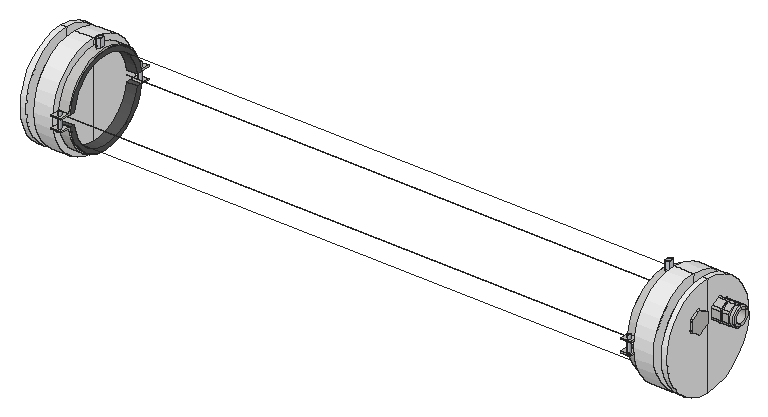
Revit family "FT Pyros LED_2020", category Lighting Fixtures, Revit 2020
Family settings
  Round Connector Dimension = Use Diameter
  Part Type = Normal
  OmniClass Number = 23.80.70.00
  OmniClass Title = Lighting
  Work Plane-Based = No
  Always vertical = Yes
  Cut with Voids When Loaded = No
  Light Source = Yes
  Shared = No
  Room Calculation Point = No
Parameters (values of type "PY323")
  Watts = 70 W
  Wattage = 72.3028 W
  built-in parameter 1150110 = 1 (stored number, unit not read)
  Useful life = "L70B50>50000"
  Unify glade rating = "UGR<19"
  URL = "https://www.airfal.com/prod/atex-atmosfera-explosiva/luminaria-pyros-led/"
  built-in parameter 1114217 = 1 (stored number, unit not read)
  Tilt Angle = 90.00°
  built-in parameter 1150109 = 1 (stored number, unit not read)
  built-in parameter 1150134 = 12
  built-in parameter 1150113 = 1 (stored number, unit not read)
  Size = 1500.00 mm
  Photometric Web File = "PY323 PYROS LED  1500mm 10740lm 70W.IES"
  Photobiological risk group = "RG1"
  MacAdam Ellipse = "3/4"
  built-in parameter 1150105 = 854.66 (stored number, unit not read)
  Lumens = 10740 lm
  built-in parameter 1150115 = 1 (stored number, unit not read)
  built-in parameter 1150137 = (empty or 0)
  built-in parameter 1150139 = (empty or 0)
  Led Module = yes
  built-in parameter 1150112 = 1 (stored number, unit not read)
  built-in parameter 1150114 = 1 (stored number, unit not read)
  L = 1659.00 mm
  built-in parameter 1150132 = 2
  built-in parameter 1150102 = (empty or 0)
  built-in parameter 1150107 = 4000 (stored number, unit not read)
  built-in parameter 1150138 = (empty or 0)
  built-in parameter 1150106 = 8.5466 (stored number, unit not read)
  IP = "IP66"
  IK = "IK10"
  Glow wire test = ""
  Emit from Line Length = 609.60 mm
  Emergency system = yes
  built-in parameter 1150104 = 13.8 (stored number, unit not read)
  EX Area = "II2GD Ex db op is IIB+H2 T6 Gb Ex op is tb IIIC T85 ºC Dc"
  Dimming Lamp Color Temperature Shift = <None>
  Description = "https://www.airfal.com/fichas/new/FT-Pyros-LED.pdf"
  Default Elevation = 0.00 mm
  Color Filter = 16777215
  Chromatic Index = ""
  built-in parameter 1114218 = 1 (stored number, unit not read)
  built-in parameter 1150133 = 10 (stored number, unit not read)
Types (6, lengths in mm): name | Watts | Wattage | Size | Photometric Web File | built-in parameter 1150105 | Lumens | L | built-in parameter 1150106
  PY113 | 14 W | 14.474 W | 600.00 | "PY113 PYROS LED  600mm 2150lm 14W.IES" | 171.09 (stored number, unit not read) | 2150 lm | 748.00 | 1.7109 (stored number, unit not read)
  PY123 | 28 W | 28.948 W | 600.00 | "PY123 PYROS LED 600mm 4300lm 28W.IES" | 342.18 (stored number, unit not read) | 4300 lm | 748.00 | 3.4218 (stored number, unit not read)
  PY213 | 28 W | 28.948 W | 1200.00 | "PY213 PYROS LED  1200mm 4300lm 28W.IES" | 342.18 (stored number, unit not read) | 4300 lm | 1357.00 | 3.4218 (stored number, unit not read)
  PY223 | 55 W | 57.8961 W | 1200.00 | "PY223 PYROS LED 1200mm 8600lm 55W.IES" | 684.37 (stored number, unit not read) | 8600 lm | 1357.00 | 6.8437 (stored number, unit not read)
  PY313 | 35 W | 36.1514 W | 1500.00 | "PY313 PYROS LED  1500mm 5370lm 35W.IES" | 427.33 (stored number, unit not read) | 5370 lm | 1659.00 | 4.2733 (stored number, unit not read)
  PY323 | 70 W | 72.3028 W | 1500.00 | "PY323 PYROS LED  1500mm 10740lm 70W.IES" | 854.66 (stored number, unit not read) | 10740 lm | 1659.00 | 8.5466 (stored number, unit not read)
Reference planes
  plane 1 "Light Source Axis (F/B)": y = -218.644
  plane 2: z = 0
  plane 3 "Light Source Axis (L/R)": x = 0
  plane 4 "Light Source Elevation": z = 1371.6
  plane 5: z = 0
  plane 6: x = -829.5
  plane 7: x = 829.5
  plane 8: z = 1472.6
  plane 9: z = 1296.6
  plane 10: z = 1406.6
  plane 11: y = -193.644
  plane 12: y = -243.644
Forms (mm)
  Extrusion 1, solid, material "Polycarbonate"
    sketch origin (0, 0, 0) x (0, 1, 0) y (0, 0, 1)
      loop
        circle (-218.644, 1371.6) r 75
    from -768.5 to 313
  Revolve 2, solid, material "Aluminium"
    sketch origin (-36, -218.644, 0) x (1, 0, 0) y (0, 0, 1)
      loop
        line (-732.5, 1371.6) -> (-732.5, 1466.6) -> (-768.5, 1466.6) -> (-768.5, 1446.6) -> (-783.5, 1446.6) -> (-783.5, 1466.6) -> (-793.5, 1466.6) -> (-793.5, 1371.6) -> (-732.5, 1371.6)
      loop
        line (349, 1371.6) -> (410, 1371.6) -> (410, 1466.6) -> (400, 1466.6) -> (400, 1446.6) -> (385, 1446.6) -> (385, 1466.6) -> (349, 1466.6) -> (349, 1371.6)
      axis (-793.5, 1371.6) -> (410, 1371.6)
    angle from 0 to 360
Dimensions and locks
  equal spacing: plane 6, plane 3 "Light Source Axis (L/R)", plane 7
  "L": plane 6 to plane 7
  locked: plane 8 to plane 4 "Light Source Elevation" at 101
  locked: plane 4 "Light Source Elevation" to plane 9 at 75
  locked: plane 4 "Light Source Elevation" to plane 10 at 35
  plane 12 to imposter light to plane 11 = 25.00 mm, 25.00 mm
  plane 4 "Light Source Elevation" to plane 10 = 35.00 mm
  Revolve 2 sketch curve to Revolve 2 sketch curve to Revolve 2 sketch curve to Revolve 2 sketch curve = 10.00 mm locked, 15.00 mm locked, 36.00 mm locked  (x2)
  Revolve 2 sketch curve to Revolve 2 sketch curve to Revolve 2 sketch curve = 20.00 mm locked, 75.00 mm locked
  Revolve 2 sketch curve to Revolve 2 sketch curve to plane 4 "Light Source Elevation" = 20.00 mm locked, 75.00 mm locked
  aligned and locked: level to plane 5
  aligned and locked: nested 2 to plane 1 "Light Source Axis (F/B)"
  aligned and locked: plane 8 to nested 2
  aligned and locked: plane 8 to nested 1
  aligned and locked: plane 9 to imposter light
  aligned and locked: plane 10 to nested 3
  aligned and locked: nested 3 to plane 11
  aligned and locked: plane 12 to nested 4
  aligned and locked: Revolve 2 sketch curve to plane 6
  aligned and locked: Revolve 2 to Extrusion 1
  aligned and locked: Extrusion 1 to Revolve 2
  aligned and locked: nested 1 to Revolve 2
  aligned and locked: nested 2 to Revolve 2
  aligned and locked: nested 4 to Revolve 2
  aligned and locked: nested 3 to Revolve 2
Automatic sketch dimensions
  Extrusion 1 sketch curve to plane 1 "Light Source Axis (F/B)" = 0.00 mm
  plane 4 "Light Source Elevation" to Extrusion 1 sketch curve = 0.00 mm
  Revolve 2 sketch curve to plane 4 "Light Source Elevation" = 0.00 mm  (x3)
  plane 7 to Revolve 2 sketch curve = 455.50 mm
  Revolve 2 sketch curve to plane 8 = 6.00 mm  (x2)
  Revolve 2 sketch curve to plane 6 = 106.00 mm
  Revolve 2 sketch curve to Revolve 2 sketch curve = 3.00 mm
  radius of Extrusion 1 sketch curve = 75.00 mm
Nested families
  nested 1: "FT ABRAP-es" at (-757.5, -218.644, 1371.6) x (0, 1, 0) z (0, 0, 1), type "ABRI150"
  nested 2: "FT ABRAP-es" at (302, -218.644, 1371.6) x (0, 1, 0) z (0, 0, 1), type "ABRI150"
  nested 3: "Armed cablegland EEX" at (359, -193.644, 1406.6), type "Armed cablegland EEX"
  nested 4: "Plug EEx db" at (359, -243.644, 1406.6), type "Plug EEx db"
Definition of nested family "FT ABRAP-es"
  Parameters (values of type "ABRI150")
    s = 2.00 mm
    r1 = 75.00 mm
    h = 101.00 mm
    e = 20.00 mm
    b2 = 22.00 mm
    b = 18.50 mm
    H = 186.00 mm
    R2 = 85.00 mm
    R1 = 83.00 mm
    Default Elevation = 0.00 mm
    D = 150.00 mm
    B = 203.00 mm
  Reference planes
    plane 1 "Center (Front/Back)": y = 0
    plane 2: z = 0
    plane 3 "Center (Left/Right)": x = 0
    plane 4: z = 101
    plane 5: z = -85
    plane 6: x = -101.5
    plane 7: x = 101.5
    plane 8: y = 9.25
    plane 9: y = -9.25
    plane 10: z = -75
    plane 11: z = 75
    plane 12: z = 85
    plane 13: z = -10
    plane 14: z = 10
    plane 15: z = -12
    plane 16: z = 12
    plane 17: z = 10
    plane 18: z = -10
    plane 19: z = 12
    plane 20: z = -12
    plane 21: y = 11
    plane 22: y = -11
    plane 23: x = -93.5
    plane 24: x = 93.5
  Forms (mm)
    Extrusion 1, solid
      sketch origin (34.5, 0, 46.201) x (1, 0, 0) y (0, 0, 1)
        loop
          line (-116.895, -56.201) -> (-136, -56.201) -> (-136, -58.201) -> (-118.649, -58.201)
          arc (-118.649, -58.201) -> (-34.5, -131.201) -> (49.649, -58.201) r 85
          line (49.649, -58.201) -> (67, -58.201) -> (67, -56.201) -> (47.895, -56.201)
          arc (47.895, -56.201) -> (-34.5, -129.201) -> (-116.895, -56.201) r 83
        loop
          arc (-116.895, -36.201) -> (-34.5, 36.799) -> (47.895, -36.201) r 83
          line (47.895, -36.201) -> (67, -36.201) -> (67, -34.201) -> (49.649, -34.201)
          arc (49.649, -34.201) -> (-34.5, 38.799) -> (-118.649, -34.201) r 85
          line (-118.649, -34.201) -> (-136, -34.201) -> (-136, -36.201) -> (-116.895, -36.201)
      from -9.25 to 9.25
    Extrusion 2, solid
      sketch origin (0, 0, 0) x (1, 0, 0) y (0, 1, 0)
        loop
          circle (0, 0) r 4
        loop
          line (-8, 0) -> (-4, -4.678) -> (4, -4.678) -> (8, 0) -> (4, 4.678) -> (-4, 4.678) -> (-8, 0)
      from 85 to 101
    Extrusion 3, solid
      sketch origin (0, 0, 0) x (1, 0, 0) y (0, 0, 1)
        loop
          line (-74.33, -10) -> (-82.395, -10)
          arc (-82.395, -10) -> (0, -83) -> (82.395, -10) r 83
          line (82.395, -10) -> (74.33, -10)
          arc (74.33, -10) -> (0, -75) -> (-74.33, -10) r 75
        loop
          line (-82.395, 10) -> (-74.33, 10)
          arc (-74.33, 10) -> (0, 75) -> (74.33, 10) r 75
          line (74.33, 10) -> (82.395, 10)
          arc (82.395, 10) -> (0, 83) -> (-82.395, 10) r 83
      from -11 to 11
    Revolve 4, solid
      sketch origin (0, 0, 0) x (1, 0, 0) y (0, 0, 1)
        loop
          line (-98.5, -12) -> (-98.5, -14.5)
          arc (-98.5, -14.5) -> (-96.083, -15.47) -> (-93.5, -15.8) r 10.265
          line (-93.5, -15.8) -> (-93.5, 18) -> (-95.375, 18) -> (-96, 17.375) -> (-96, -12) -> (-98.5, -12)
        axis (-93.5, -15.8) -> (-93.5, 18)
      angle from 0 to 360
    Revolve 5, solid
      sketch origin (135.743, 0, 0) x (1, 0, 0) y (0, 0, 1)
        loop
          line (-47.243, -12) -> (-47.243, -14.5)
          arc (-47.243, -14.5) -> (-44.826, -15.47) -> (-42.243, -15.8) r 10.265
          line (-42.243, -15.8) -> (-42.243, 18) -> (-44.118, 18) -> (-44.743, 17.375) -> (-44.743, -12) -> (-47.243, -12)
        axis (-42.243, -15.8) -> (-42.243, 18)
      angle from 0 to 360
  Lines and regions (mm)
    model lines
      curve 1: line (-93.5, 0, 0) -> (-91.5, 0, 0)
      curve 2: line (0, 0, 0) -> (0, -2, 0)
  Dimensions and locks
    "h": plane 4 to level
    "H": plane 4 to plane 5
    "B": plane 6 to plane 7
    equal spacing: plane 6, plane 3 "Center (Left/Right)", plane 7
    "b": plane 8 to plane 9
    equal spacing: plane 8, plane 1 "Center (Front/Back)", plane 9
    equal spacing: plane 11, level, plane 10
    "D": plane 11 to plane 10
    locked: plane 4 to plane 12 at 16
    equal spacing: plane 14, level, plane 13
    "s": plane 13 to plane 15
    "s": plane 16 to plane 14
    "e": plane 14 to plane 13
    equal spacing: plane 17, level, plane 18
    "e": plane 17 to plane 18
    "s": plane 19 to plane 17
    "s": plane 18 to plane 20
    equal spacing: plane 21, plane 1 "Center (Front/Back)", plane 22
    "b2": plane 21 to plane 22
    locked: plane 6 to plane 23 at 8
    locked: plane 7 to plane 24 at 8
    plane 8 to plane 9 = 18.50 mm
    "R1": radius of Extrusion 1 sketch curve  (x2)
    "R2": radius of Extrusion 1 sketch curve  (x2)
    "r1": radius of Extrusion 3 sketch curve  (x2)
    "R1": radius of Extrusion 3 sketch curve  (x2)
    aligned and locked: plane 2 to level
    aligned and locked: plane 4 to Extrusion 2
    aligned and locked: Extrusion 2 to plane 12
    aligned and locked: plane 6 to Extrusion 1 sketch curve
    aligned and locked: Extrusion 1 sketch curve to plane 6
    aligned and locked: Extrusion 1 sketch curve to plane 7
    aligned and locked: plane 7 to Extrusion 1 sketch curve
    aligned and locked: Extrusion 1 sketch curve to plane 20
    aligned and locked: plane 18 to Extrusion 1 sketch curve
    aligned and locked: Extrusion 1 sketch curve to plane 17
    aligned and locked: plane 19 to Extrusion 1 sketch curve
    aligned and locked: plane 20 to Extrusion 1 sketch curve
    aligned and locked: Extrusion 1 sketch curve to plane 18
    aligned and locked: plane 17 to Extrusion 1 sketch curve
    aligned and locked: Extrusion 1 sketch curve to plane 19
    aligned and locked: Extrusion 1 to plane 8
    aligned and locked: Extrusion 1 to plane 9
    aligned and locked: Extrusion 1 to Extrusion 3 sketch curve
    aligned and locked: plane 18 to Extrusion 3 sketch curve  (x2)
    aligned and locked: Extrusion 3 sketch curve to plane 17
    aligned and locked: Extrusion 3 to plane 21
    aligned and locked: Extrusion 3 to plane 22
  Automatic sketch dimensions
    plane 1 "Center (Front/Back)" to Extrusion 2 sketch curve = 0.00 mm  (x3)
    Extrusion 2 sketch curve to plane 3 "Center (Left/Right)" = 0.00 mm
    Extrusion 2 sketch curve to plane 3 "Center (Left/Right)" = 4.00 mm  (x2)
    Extrusion 2 sketch curve to Extrusion 2 sketch curve = 4.00 mm  (x2)
    plane 3 "Center (Left/Right)" to Extrusion 2 sketch curve = 4.00 mm  (x2)
    plane 9 to Extrusion 2 sketch curve = 4.572 mm
    plane 8 to Extrusion 2 sketch curve = 4.572 mm
    Revolve 4 sketch curve to plane 20 = 0.00 mm
    Revolve 4 sketch curve to plane 23 = 0.00 mm  (x2)
    plane 23 to Revolve 4 sketch curve = 1.875 mm
    plane 23 to Revolve 4 sketch curve = 2.50 mm
    Revolve 4 sketch curve to Revolve 4 sketch curve = 2.50 mm
    plane 20 to Revolve 4 sketch curve = 2.50 mm
    Revolve 4 sketch curve to Revolve 4 sketch curve = 3.80 mm
    plane 19 to Revolve 4 sketch curve = 5.375 mm
    Revolve 4 sketch curve to Revolve 4 sketch curve = 0.625 mm
    Revolve 4 sketch curve to Revolve 4 sketch curve = 3.403 mm
    Revolve 4 sketch curve to Revolve 4 sketch curve = 4.181 mm
    Revolve 5 sketch curve to plane 20 = 0.00 mm
    Revolve 5 sketch curve to plane 24 = 0.00 mm  (x2)
    Revolve 5 sketch curve to Revolve 5 sketch curve = 1.875 mm
    Revolve 5 sketch curve to plane 24 = 2.50 mm
    Revolve 5 sketch curve to Revolve 5 sketch curve = 2.50 mm
    plane 20 to Revolve 5 sketch curve = 2.50 mm
    Revolve 5 sketch curve to Revolve 5 sketch curve = 3.80 mm
    plane 19 to Revolve 5 sketch curve = 5.375 mm
    Revolve 5 sketch curve to Revolve 5 sketch curve = 0.625 mm
    Revolve 5 sketch curve to Revolve 5 sketch curve = 3.403 mm
    Revolve 5 sketch curve to Revolve 5 sketch curve = 4.181 mm
    curve 1 to level = 0.00 mm
    plane 23 to curve 1 = 0.00 mm
    curve 1 to curve 1 = 2.00 mm
    curve 2 to level = 0.00 mm
    curve 2 to plane 1 "Center (Front/Back)" = 0.00 mm
    plane 1 "Center (Front/Back)" to curve 2 = 2.00 mm
    Extrusion 1 sketch curve to Extrusion 1 sketch curve = 0.00 mm  (x12)
    Extrusion 1 sketch curve to level = 0.00 mm
    Extrusion 1 sketch curve to plane 3 "Center (Left/Right)" = 0.00 mm
    Extrusion 3 sketch curve to Extrusion 3 sketch curve = 0.00 mm  (x12)
    Extrusion 3 sketch curve to level = 0.00 mm
    Extrusion 3 sketch curve to plane 3 "Center (Left/Right)" = 0.00 mm
    radius of Extrusion 2 sketch curve = 4.00 mm
Definition of nested family "Armed cablegland EEX"
  Parameters (values of type "Armed cablegland EEX")
    PG = "1621"
    NPT = "3/4\"1\""
    Metrics = "M25x1.5"
    Gas conic = "3/4\"1\""
    Emergency system = "EMERGENCY 1h / 3h"
    EX Area = "II 2 GD EEx db IIC T6"
    Dimmable equipment = "1-10 DALI"
    Default Elevation = 0.00 mm
    D = 15.00 mm
    C = 42.00 mm
    B = 39.00 mm
    A = 35.00 mm
  Reference planes
    plane 1 "Center (Front/Back)": y = 0
    plane 2: z = 0
    plane 3 "Center (Left/Right)": x = 0
    plane 4: x = 15
    plane 5: x = 57
    plane 6: z = 17.5
    plane 7: z = -17.5
    plane 8: z = 19.5
    plane 9: z = -19.5
    plane 10: y = -17.5
    plane 11: y = 17.5
  Forms (mm)
    Revolve 1, solid
      sketch origin (0, 0, 0) x (1, 0, 0) y (0, 0, 1)
        loop
          line (0, 11.956) -> (33, 11.956) -> (33, 14.005) -> (15.025, 14.005)
          arc (15.025, 14.005) -> (14.525, 13.505) -> (14.025, 14.005) r 0.5
          arc (14.025, 14.005) -> (13.525, 13.505) -> (13.025, 14.005) r 0.5
          arc (13.025, 14.005) -> (12.525, 13.505) -> (12.025, 14.005) r 0.5
          arc (12.025, 14.005) -> (11.525, 13.505) -> (11.025, 14.005) r 0.5
          arc (11.025, 14.005) -> (10.525, 13.505) -> (10.025, 14.005) r 0.5
          arc (10.025, 14.005) -> (9.525, 13.505) -> (9.025, 14.005) r 0.5
          arc (9.025, 14.005) -> (8.525, 13.505) -> (8.025, 14.005) r 0.5
          arc (8.025, 14.005) -> (7.525, 13.505) -> (7.025, 14.005) r 0.5
          arc (7.025, 14.005) -> (6.525, 13.505) -> (6.025, 14.005) r 0.5
          arc (6.025, 14.005) -> (5.525, 13.505) -> (5.025, 14.005) r 0.5
          arc (5.025, 14.005) -> (4.525, 13.505) -> (4.025, 14.005) r 0.5
          arc (4.025, 14.005) -> (3.525, 13.505) -> (3.025, 14.005) r 0.5
          arc (3.025, 14.005) -> (2.525, 13.505) -> (2.025, 14.005) r 0.5
          arc (2.025, 14.005) -> (1.525, 13.505) -> (1.025, 14.005) r 0.5
          line (1.025, 14.005) -> (0, 12.98) -> (0, 11.956)
        axis (0, 0) -> (33, 0)
      angle from 0 to 360
    Extrusion 2, solid
      sketch origin (15, -4572, 334.988) x (0, 0, 1) y (0, -1, 0)
        loop
          line (-316.08, -4569.75) -> (-323.586, -4556.75)
          arc (-323.586, -4556.75) -> (-325.233, -4555.103) -> (-327.483, -4554.5) r 4.5
          line (-327.483, -4554.5) -> (-342.494, -4554.5)
          arc (-342.494, -4554.5) -> (-344.744, -4555.103) -> (-346.391, -4556.75) r 4.5
          line (-346.391, -4556.75) -> (-353.896, -4569.75)
          arc (-353.896, -4569.75) -> (-354.499, -4572) -> (-353.896, -4574.25) r 4.5
          line (-353.896, -4574.25) -> (-346.391, -4587.25)
          arc (-346.391, -4587.25) -> (-344.744, -4588.897) -> (-342.494, -4589.5) r 4.5
          line (-342.494, -4589.5) -> (-327.483, -4589.5)
          arc (-327.483, -4589.5) -> (-325.233, -4588.897) -> (-323.586, -4587.25) r 4.5
          line (-323.586, -4587.25) -> (-316.08, -4574.25)
          arc (-316.08, -4574.25) -> (-315.477, -4572) -> (-316.08, -4569.75) r 4.5
        loop
          circle (-334.988, -4572) r 12
      from 0 to 18
    Extrusion 3, solid
      sketch origin (36.589, -4572, 334.988) x (0, 0, 1) y (0, -1, 0)
        loop
          line (-316.08, -4569.75) -> (-323.586, -4556.75)
          arc (-323.586, -4556.75) -> (-325.233, -4555.103) -> (-327.483, -4554.5) r 4.5
          line (-327.483, -4554.5) -> (-342.494, -4554.5)
          arc (-342.494, -4554.5) -> (-344.744, -4555.103) -> (-346.391, -4556.75) r 4.5
          line (-346.391, -4556.75) -> (-353.896, -4569.75)
          arc (-353.896, -4569.75) -> (-354.499, -4572) -> (-353.896, -4574.25) r 4.5
          line (-353.896, -4574.25) -> (-346.391, -4587.25)
          arc (-346.391, -4587.25) -> (-344.744, -4588.897) -> (-342.494, -4589.5) r 4.5
          line (-342.494, -4589.5) -> (-327.483, -4589.5)
          arc (-327.483, -4589.5) -> (-325.233, -4588.897) -> (-323.586, -4587.25) r 4.5
          line (-323.586, -4587.25) -> (-316.08, -4574.25)
          arc (-316.08, -4574.25) -> (-315.477, -4572) -> (-316.08, -4569.75) r 4.5
        loop
          circle (-334.988, -4572) r 12
      from 0 to 12
    Revolve 4, solid
      sketch origin (0, 0, 0) x (1, 0, 0) y (0, 0, 1)
        loop
          line (33, 12) -> (57, 12) -> (57, 15.488) -> (54.988, 17.5) -> (33, 17.5) -> (33, 12)
        axis (33, 0) -> (57, 0)
      angle from 0 to 360
  Cuts and joins
    joined: Extrusion 2, Extrusion 3, Revolve 4
  Dimensions and locks
    "D": plane 4 to plane 3 "Center (Left/Right)"
    "C": plane 5 to plane 4
    equal spacing: plane 6, level, plane 7
    "B": plane 9 to plane 8
    equal spacing: plane 9, level, plane 8
    equal spacing: plane 11, plane 1 "Center (Front/Back)", plane 10
    "A": plane 11 to plane 10
    aligned and locked: plane 2 to level
  Automatic sketch dimensions
    Extrusion 2 sketch curve to plane 1 "Center (Front/Back)" = 0.00 mm  (x3)
    Extrusion 2 sketch curve to plane 11 = 0.00 mm
    Extrusion 2 sketch curve to plane 10 = 0.00 mm
    Extrusion 2 sketch curve to level = 0.00 mm
    Extrusion 2 sketch curve to level = 7.506 mm  (x2)
    Extrusion 2 sketch curve to plane 11 = 2.25 mm  (x2)
    Extrusion 2 sketch curve to Extrusion 2 sketch curve = 3.897 mm  (x4)
    Extrusion 2 sketch curve to plane 10 = 2.25 mm  (x2)
    plane 7 to Extrusion 2 sketch curve = 2.489 mm
    Extrusion 2 sketch curve to plane 9 = 0.592 mm  (x2)
    level to Extrusion 2 sketch curve = 7.506 mm  (x2)
    Extrusion 2 sketch curve to plane 6 = 2.489 mm
    Extrusion 2 sketch curve to plane 8 = 0.592 mm  (x2)
    Extrusion 2 sketch curve to plane 1 "Center (Front/Back)" = 2.25 mm  (x2)
    Extrusion 3 sketch curve to plane 1 "Center (Front/Back)" = 0.00 mm  (x3)
    Extrusion 3 sketch curve to plane 11 = 0.00 mm
    Extrusion 3 sketch curve to plane 10 = 0.00 mm
    Extrusion 3 sketch curve to level = 0.00 mm
    Extrusion 3 sketch curve to level = 7.506 mm  (x2)
    Extrusion 3 sketch curve to plane 11 = 2.25 mm  (x2)
    Extrusion 3 sketch curve to Extrusion 3 sketch curve = 3.897 mm  (x4)
    Extrusion 3 sketch curve to plane 10 = 2.25 mm  (x2)
    plane 7 to Extrusion 3 sketch curve = 2.489 mm
    Extrusion 3 sketch curve to plane 9 = 0.592 mm  (x2)
    level to Extrusion 3 sketch curve = 7.506 mm  (x2)
    Extrusion 3 sketch curve to plane 6 = 2.489 mm
    Extrusion 3 sketch curve to plane 8 = 0.592 mm  (x2)
    Extrusion 3 sketch curve to plane 1 "Center (Front/Back)" = 2.25 mm  (x2)
    Revolve 4 sketch curve to level = 0.00 mm
    Revolve 4 sketch curve to plane 6 = 0.00 mm
    plane 5 to Revolve 4 sketch curve = 0.00 mm
    plane 5 to Revolve 4 sketch curve = 2.012 mm
    Revolve 4 sketch curve to plane 6 = 5.50 mm
    plane 4 to Revolve 4 sketch curve = 18.00 mm
    Revolve 4 sketch curve to plane 6 = 2.012 mm
    Revolve 4 sketch curve to plane 3 "Center (Left/Right)" = 6.257 mm
    Revolve 4 sketch curve to plane 5 = 9.07 mm
    Revolve 1 sketch curve to plane 3 "Center (Left/Right)" = 0.00 mm  (x2)
    Revolve 1 sketch curve to level = 0.00 mm
    plane 5 to Revolve 1 sketch curve = 0.00 mm
    plane 3 "Center (Left/Right)" to Revolve 1 sketch curve = 1.025 mm
    Revolve 1 sketch curve to Revolve 1 sketch curve = 0.50 mm  (x2)
    Revolve 1 sketch curve to Revolve 1 sketch curve = 1.00 mm  (x11)
    Revolve 1 sketch curve to plane 4 = 0.475 mm
    plane 4 to Revolve 1 sketch curve = 0.025 mm
    Revolve 1 sketch curve to plane 6 = 5.544 mm
    plane 4 to Revolve 1 sketch curve = 18.00 mm
    Revolve 1 sketch curve to Revolve 1 sketch curve = 1.025 mm  (x2)
    Revolve 1 sketch curve to Revolve 1 sketch curve = 2.049 mm
    Revolve 1 sketch curve to Revolve 1 sketch curve = 0.00 mm  (x22)
    radius of Extrusion 2 sketch curve = 12.00 mm
    radius of Extrusion 3 sketch curve = 12.00 mm
Definition of nested family "Plug EEx db"
  Parameters (values of type "Plug EEx db")
    PG = "1621"
    NPT = "3/4\"1\""
    Metrics = "M25x1.5"
    Gas conic = "3/4\"1\""
    Emergency system = "EMERGENCY 1h / 3h"
    EX Area = "II 2 GD EEx db IIC T6"
    Dimmable equipment = "1-10 DALI"
    Default Elevation = 0.00 mm
    D = 15.00 mm
    C = 42.00 mm
    B = 39.00 mm
    A = 35.00 mm
  Reference planes
    plane 1 "Center (Front/Back)": y = 0
    plane 2: z = 0
    plane 3 "Center (Left/Right)": x = 0
    plane 4: x = 15
    plane 5: z = 17.5
    plane 6: z = -17.5
    plane 7: z = 19.5
    plane 8: z = -19.5
    plane 9: y = -17.5
    plane 10: y = 17.5
  Forms (mm)
    Revolve 1, solid
      sketch origin (0, 0, 0) x (1, 0, 0) y (0, 0, 1)
        loop
          line (0, 0) -> (15, 0) -> (15, 13.85)
          arc (15, 13.85) -> (14.446, 13.511) -> (14.025, 14.005) r 0.5
          arc (14.025, 14.005) -> (13.525, 13.505) -> (13.025, 14.005) r 0.5
          arc (13.025, 14.005) -> (12.525, 13.505) -> (12.025, 14.005) r 0.5
          arc (12.025, 14.005) -> (11.525, 13.505) -> (11.025, 14.005) r 0.5
          arc (11.025, 14.005) -> (10.525, 13.505) -> (10.025, 14.005) r 0.5
          arc (10.025, 14.005) -> (9.525, 13.505) -> (9.025, 14.005) r 0.5
          arc (9.025, 14.005) -> (8.525, 13.505) -> (8.025, 14.005) r 0.5
          arc (8.025, 14.005) -> (7.525, 13.505) -> (7.025, 14.005) r 0.5
          arc (7.025, 14.005) -> (6.525, 13.505) -> (6.025, 14.005) r 0.5
          arc (6.025, 14.005) -> (5.525, 13.505) -> (5.025, 14.005) r 0.5
          arc (5.025, 14.005) -> (4.525, 13.505) -> (4.025, 14.005) r 0.5
          arc (4.025, 14.005) -> (3.525, 13.505) -> (3.025, 14.005) r 0.5
          arc (3.025, 14.005) -> (2.525, 13.505) -> (2.025, 14.005) r 0.5
          arc (2.025, 14.005) -> (1.525, 13.505) -> (1.025, 14.005) r 0.5
          line (1.025, 14.005) -> (0, 12.98) -> (0, 0)
        axis (0, 0) -> (15, 0)
      angle from 0 to 360
    Extrusion 2, solid
      sketch origin (15, -4572, 334.988) x (0, 0, 1) y (0, -1, 0)
        loop
          line (-316.08, -4569.75) -> (-323.586, -4556.75)
          arc (-323.586, -4556.75) -> (-325.233, -4555.103) -> (-327.483, -4554.5) r 4.5
          line (-327.483, -4554.5) -> (-342.494, -4554.5)
          arc (-342.494, -4554.5) -> (-344.744, -4555.103) -> (-346.391, -4556.75) r 4.5
          line (-346.391, -4556.75) -> (-353.896, -4569.75)
          arc (-353.896, -4569.75) -> (-354.499, -4572) -> (-353.896, -4574.25) r 4.5
          line (-353.896, -4574.25) -> (-346.391, -4587.25)
          arc (-346.391, -4587.25) -> (-344.744, -4588.897) -> (-342.494, -4589.5) r 4.5
          line (-342.494, -4589.5) -> (-327.483, -4589.5)
          arc (-327.483, -4589.5) -> (-325.233, -4588.897) -> (-323.586, -4587.25) r 4.5
          line (-323.586, -4587.25) -> (-316.08, -4574.25)
          arc (-316.08, -4574.25) -> (-315.477, -4572) -> (-316.08, -4569.75) r 4.5
      from 0 to 6
  Dimensions and locks
    "D": plane 4 to plane 3 "Center (Left/Right)"
    equal spacing: plane 5, level, plane 6
    "B": plane 8 to plane 7
    equal spacing: plane 8, level, plane 7
    equal spacing: plane 10, plane 1 "Center (Front/Back)", plane 9
    "A": plane 10 to plane 9
    aligned and locked: plane 2 to level
  Automatic sketch dimensions
    Extrusion 2 sketch curve to plane 1 "Center (Front/Back)" = 0.00 mm  (x2)
    Extrusion 2 sketch curve to plane 10 = 0.00 mm
    Extrusion 2 sketch curve to plane 9 = 0.00 mm
    Extrusion 2 sketch curve to level = 7.506 mm  (x2)
    Extrusion 2 sketch curve to plane 10 = 2.25 mm  (x2)
    Extrusion 2 sketch curve to Extrusion 2 sketch curve = 3.897 mm  (x4)
    Extrusion 2 sketch curve to plane 9 = 2.25 mm  (x2)
    plane 6 to Extrusion 2 sketch curve = 2.489 mm
    Extrusion 2 sketch curve to plane 8 = 0.592 mm  (x2)
    level to Extrusion 2 sketch curve = 7.506 mm  (x2)
    Extrusion 2 sketch curve to plane 5 = 2.489 mm
    Extrusion 2 sketch curve to plane 7 = 0.592 mm  (x2)
    Extrusion 2 sketch curve to plane 1 "Center (Front/Back)" = 2.25 mm  (x2)
    Revolve 1 sketch curve to level = 0.00 mm  (x2)
    Revolve 1 sketch curve to plane 3 "Center (Left/Right)" = 0.00 mm  (x2)
    Revolve 1 sketch curve to plane 4 = 0.00 mm
    plane 3 "Center (Left/Right)" to Revolve 1 sketch curve = 1.025 mm
    Revolve 1 sketch curve to Revolve 1 sketch curve = 0.50 mm  (x2)
    Revolve 1 sketch curve to Revolve 1 sketch curve = 1.00 mm  (x11)
    Revolve 1 sketch curve to plane 4 = 0.475 mm
    Revolve 1 sketch curve to plane 5 = 4.52 mm
    Revolve 1 sketch curve to plane 5 = 3.65 mm
    Revolve 1 sketch curve to Revolve 1 sketch curve = 1.025 mm
    Revolve 1 sketch curve to Revolve 1 sketch curve = 0.00 mm  (x23)
    Revolve 1 sketch curve to Revolve 1 sketch curve = 42.00 mm
